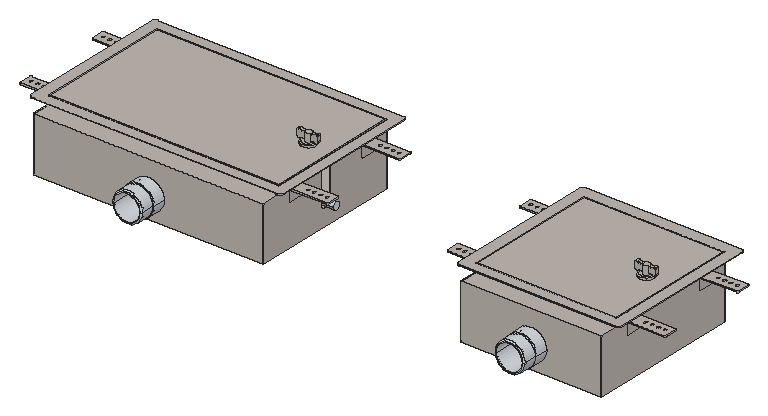
Revit family "MI-DIAL-BPS", category Pipe Accessories, host Face, Revit 2018 (continued)
Definition of nested family "MI-DIAL-BPS_S"
  Forms (in)
    Extrusion 4, solid
      sketch origin (26.67186, 0, -2.291) x (1, 0, 0) y (0, 1, 0)
        loop
          arc (11.93868, 2.7531) -> (12.00794, 2.78179) -> (12.03663, 2.85105) r 0.09795
          line (12.03663, 2.85105) -> (12.03663, 3.7443)
          arc (12.03663, 3.7443) -> (12.00803, 3.81335) -> (11.93897, 3.84196) r 0.09766
          line (11.93897, 3.84196) -> (9, 3.84196)
        loop
          circle (11.56892, 3.29768) r 0.10469
        loop
          circle (11.06892, 3.29768) r 0.10469
        loop
          circle (10.56892, 3.29768) r 0.10469
        loop
          circle (10.06892, 3.29768) r 0.10469
        loop
          line (9, -4.31071) -> (11.93897, -4.31071)
          arc (11.93897, -4.31071) -> (12.00803, -4.2821) -> (12.03663, -4.21305) r 0.09766
          line (12.03663, -4.21305) -> (12.03663, -3.3198)
          arc (12.03663, -3.3198) -> (12.00794, -3.25054) -> (11.93868, -3.22185) r 0.09795
          line (11.93868, -3.22185) -> (9, -3.22185) -> (9, -4.31071)
        loop
          circle (11.56892, -3.76643) r 0.10469
        loop
          circle (11.06892, -3.76643) r 0.10469
        loop
          circle (10.56892, -3.76643) r 0.10469
        loop
          circle (10.06892, -3.76643) r 0.10469
        loop
          line (-2, 3.84196) -> (-4.93897, 3.84196)
          arc (-4.93897, 3.84196) -> (-5.00803, 3.81335) -> (-5.03663, 3.7443) r 0.09766
          line (-5.03663, 3.7443) -> (-5.03663, 2.85105)
          arc (-5.03663, 2.85105) -> (-5.00794, 2.78179) -> (-4.93868, 2.7531) r 0.09795
          line (-4.93868, 2.7531) -> (-2, 2.7531) -> (-2, 3.84196)
        loop
          circle (-4.56892, 3.29768) r 0.10469
        loop
          circle (-4.06892, 3.29768) r 0.10469
        loop
          circle (-3.56892, 3.29768) r 0.10469
        loop
          circle (-3.06892, 3.29768) r 0.10469
        loop
          line (-2, -4.31071) -> (-2, -3.22185) -> (-4.93868, -3.22185)
          arc (-4.93868, -3.22185) -> (-5.00794, -3.25054) -> (-5.03663, -3.3198) r 0.09795
          line (-5.03663, -3.3198) -> (-5.03663, -4.21305)
          arc (-5.03663, -4.21305) -> (-5.00803, -4.2821) -> (-4.93897, -4.31071) r 0.09766
          line (-4.93897, -4.31071) -> (-2, -4.31071)
        loop
          circle (-4.56892, -3.76643) r 0.10469
        loop
          circle (-4.06892, -3.76643) r 0.10469
        loop
          circle (-3.56892, -3.76643) r 0.10469
        loop
          circle (-3.06892, -3.76643) r 0.10469
      from 2.291 to 2.375
    Extrusion 5, solid
      sketch origin (35.67186, 12.2945, -4.166) x (0, -1, 0) y (0, 0, -1)
        loop
          arc (8.5502, -3.27894) -> (8.48115, -3.30754) -> (8.45255, -3.37659) r 0.09766
          line (8.45255, -3.37659) -> (8.45255, -4.166) -> (9.5414, -4.166) -> (9.5414, -3.37659)
          arc (9.5414, -3.37659) -> (9.5128, -3.30754) -> (9.44375, -3.27894) r 0.09766
          line (9.44375, -3.27894) -> (8.5502, -3.27894)
      from 0 to 0.084
    Extrusion 6, solid
      sketch origin (26.93981, 0, -2.666) x (1, 0, 0) y (0, 1, 0)
        loop
          arc (-3.14295, -5.85857) -> (-3.05576, -6.06906) -> (-2.84527, -6.15625) r 0.29768
          line (-2.84527, -6.15625) -> (9.31018, -6.15625)
          arc (9.31018, -6.15625) -> (9.5201, -6.0693) -> (9.60705, -5.85938) r 0.29688
          line (9.60705, -5.85938) -> (9.60705, 5.85937)
          arc (9.60705, 5.85937) -> (9.5201, 6.0693) -> (9.31018, 6.15625) r 0.29688
          line (9.31018, 6.15625) -> (-2.84607, 6.15625)
          arc (-2.84607, 6.15625) -> (-3.05599, 6.0693) -> (-3.14295, 5.85937) r 0.29688
          line (-3.14295, 5.85937) -> (-3.14295, -5.85857)
        loop
          arc (-2.21739, 5.28125) -> (-2.25314, 5.26644) -> (-2.26795, 5.2307) r 0.05055
          line (-2.26795, 5.2307) -> (-2.26795, -5.23047)
          arc (-2.26795, -5.23047) -> (-2.25307, -5.26638) -> (-2.21717, -5.28125) r 0.05078
          line (-2.21717, -5.28125) -> (8.68127, -5.28125)
          arc (8.68127, -5.28125) -> (8.71718, -5.26638) -> (8.73205, -5.23047) r 0.05078
          line (8.73205, -5.23047) -> (8.73205, 5.23047)
          arc (8.73205, 5.23047) -> (8.71718, 5.26638) -> (8.68127, 5.28125) r 0.05078
          line (8.68127, 5.28125) -> (-2.21739, 5.28125)
      from 3.33788 to 3.375
    Extrusion 7, solid
      sketch origin (26.93981, 0, -2.666) x (1, 0, 0) y (0, 1, 0)
        loop
          line (-2.22888, 5.24281) -> (-2.22888, -5.28125) -> (8.69299, -5.28125) -> (8.69299, 5.24281) -> (-2.22888, 5.24281)
      from 3.1535 to 3.375
    Extrusion 8, void
      sketch origin (29.25, 0, -4.166) x (0, 1, 0) y (0, 0, 1)
        loop
          line (-6.15625, 4.875) -> (-6.78125, 4.875) -> (-6.78125, 4.25) -> (-5.28125, 4.25) -> (-5.28125, 4.83788) -> (-6.15625, 4.83788) -> (-6.15625, 4.875)
      from -4.57814 to 6.42186
    Extrusion 9, solid
      sketch origin (29.25, -6.78125, 0.084) x (0, 1, 0) y (-1, 0, 0)
        loop
          line (0.03906, 4.53908) -> (0.03906, -6.3828) -> (1.5, -6.3828) -> (1.5, 4.53908) -> (0.03906, 4.53908)
      from 0 to -0.01379
    Extrusion 10, solid
      sketch origin (29.25, -5.28125, 0.67187) x (0, 0, 1) y (-1, 0, 0)
        loop
          line (-0.58788, 4.53908) -> (-0.58788, -6.3828) -> (0, -6.3828) -> (0, 4.53908) -> (-0.58788, 4.53908)
      from 0 to -0.03906
    Extrusion 11, void
      sketch origin (23.21094, 5.24281, -4.166) x (0, 1, 0) y (0, 0, -1)
        loop
          circle (-5.97719, -1.75529) r 0.5
      from -1.49999 to -1.46092
    Extrusion 12, solid
      sketch origin (35.67186, 5.2307, -4.166) x (0, -1, 0) y (0, 0, -1)
        loop
          arc (8.5502, -3.27894) -> (8.48115, -3.30754) -> (8.45255, -3.37659) r 0.09766
          line (8.45255, -3.37659) -> (8.45255, -4.166) -> (9.5414, -4.166) -> (9.5414, -3.37659)
          arc (9.5414, -3.37659) -> (9.5128, -3.30754) -> (9.44375, -3.27894) r 0.09766
          line (9.44375, -3.27894) -> (8.5502, -3.27894)
      from 0 to 0.084
    Extrusion 13, solid
      sketch origin (24.67186, 12.2945, -4.166) x (0, -1, 0) y (0, 0, 1)
        loop
          line (8.5502, 3.27894) -> (9.44375, 3.27894)
          arc (9.44375, 3.27894) -> (9.5128, 3.30754) -> (9.5414, 3.37659) r 0.09766
          line (9.5414, 3.37659) -> (9.5414, 4.166) -> (8.45255, 4.166) -> (8.45255, 3.37659)
          arc (8.45255, 3.37659) -> (8.48115, 3.30754) -> (8.5502, 3.27894) r 0.09766
      from 0 to 0.084
    Extrusion 14, solid
      sketch origin (24.67186, 5.2307, -4.166) x (0, -1, 0) y (0, 0, 1)
        loop
          line (8.5502, 3.27894) -> (9.44375, 3.27894)
          arc (9.44375, 3.27894) -> (9.5128, 3.30754) -> (9.5414, 3.37659) r 0.09766
          line (9.5414, 3.37659) -> (9.5414, 4.166) -> (8.45255, 4.166) -> (8.45255, 3.37659)
          arc (8.45255, 3.37659) -> (8.48115, 3.30754) -> (8.5502, 3.27894) r 0.09766
      from 0 to 0.084
    Extrusion 15, solid, not visible
      sketch origin (0, 0, -4.166) x (1, 0, 0) y (0, 1, 0)
        loop
          arc (-9.875, -5.85857) -> (-9.78781, -6.06906) -> (-9.57732, -6.15625) r 0.29768
          line (-9.57732, -6.15625) -> (9.57813, -6.15625)
          arc (9.57813, -6.15625) -> (9.78805, -6.0693) -> (9.875, -5.85937) r 0.29688
          line (9.875, -5.85937) -> (9.875, 5.85937)
          arc (9.875, 5.85937) -> (9.78805, 6.0693) -> (9.57813, 6.15625) r 0.29688
          line (9.57813, 6.15625) -> (-9.57812, 6.15625)
          arc (-9.57812, 6.15625) -> (-9.78805, 6.0693) -> (-9.875, 5.85937) r 0.29688
          line (-9.875, 5.85937) -> (-9.875, -5.85857)
        loop
          arc (-8.94945, 5.28125) -> (-8.98519, 5.26644) -> (-9, 5.2307) r 0.05055
          line (-9, 5.2307) -> (-9, -5.28125) -> (9, -5.28125) -> (9, 5.23047)
          arc (9, 5.23047) -> (8.98513, 5.26638) -> (8.94922, 5.28125) r 0.05078
          line (8.94922, 5.28125) -> (-8.94945, 5.28125)
      from 4.83788 to 4.875
    Extrusion 16, solid, not visible
      sketch origin (0, 0, -4.166) x (1, 0, 0) y (0, 1, 0)
        loop
          arc (9, 5.23047) -> (8.98513, 5.26638) -> (8.94922, 5.28125) r 0.05078
          line (8.94922, 5.28125) -> (-8.94945, 5.28125)
          arc (-8.94945, 5.28125) -> (-8.98519, 5.26644) -> (-9, 5.2307) r 0.05055
          line (-9, 5.2307) -> (-9, -6.73047)
          arc (-9, -6.73047) -> (-8.98513, -6.76638) -> (-8.94922, -6.78125) r 0.05078
          line (-8.94922, -6.78125) -> (8.94922, -6.78125)
          arc (8.94922, -6.78125) -> (8.98513, -6.76638) -> (9, -6.73047) r 0.05078
          line (9, -6.73047) -> (9, 5.23047)
        loop
          line (-8.96094, 5.24281) -> (-8.96094, -6.74219) -> (8.96094, -6.74219) -> (8.96094, 5.24281) -> (-8.96094, 5.24281)
      from 0.03906 to 4.875
    Extrusion 17, solid, not visible
      sketch origin (0, 0, -4.166) x (1, 0, 0) y (0, 1, 0)
        loop
          line (-9, 5.2307) -> (-9, -6.73047)
          arc (-9, -6.73047) -> (-8.98513, -6.76638) -> (-8.94922, -6.78125) r 0.05078
          line (-8.94922, -6.78125) -> (8.94922, -6.78125)
          arc (8.94922, -6.78125) -> (8.98513, -6.76638) -> (9, -6.73047) r 0.05078
          line (9, -6.73047) -> (9, 5.23047)
          arc (9, 5.23047) -> (8.98513, 5.26638) -> (8.94922, 5.28125) r 0.05078
          line (8.94922, 5.28125) -> (-8.94945, 5.28125)
          arc (-8.94945, 5.28125) -> (-8.98519, 5.26644) -> (-9, 5.2307) r 0.05055
      from 0 to 0.03906
    Extrusion 18, solid, not visible
      sketch origin (0, 0, -4.166) x (1, 0, 0) y (0, 1, 0)
        loop
          line (-8.96094, 5.24281) -> (-8.96094, -5.28125) -> (8.96094, -5.28125) -> (8.96094, 5.24281) -> (-8.96094, 5.24281)
      from 4.6535 to 4.875
    Extrusion 19, solid, not visible
      sketch origin (0, 0, -2.291) x (1, 0, 0) y (0, 1, 0)
        loop
          line (-9, 3.84196) -> (-11.93897, 3.84196)
          arc (-11.93897, 3.84196) -> (-12.00803, 3.81335) -> (-12.03663, 3.7443) r 0.09766
          line (-12.03663, 3.7443) -> (-12.03663, 2.85105)
          arc (-12.03663, 2.85105) -> (-12.00794, 2.78179) -> (-11.93868, 2.7531) r 0.09795
          line (-11.93868, 2.7531) -> (-9, 2.7531) -> (-9, 3.84196)
        loop
          circle (-11.56892, 3.29768) r 0.10469
        loop
          circle (-11.06892, 3.29768) r 0.10469
        loop
          circle (-10.56892, 3.29768) r 0.10469
        loop
          circle (-10.06892, 3.29768) r 0.10469
        loop
          line (-9, -4.31071) -> (-9, -3.22185) -> (-11.93868, -3.22185)
          arc (-11.93868, -3.22185) -> (-12.00794, -3.25054) -> (-12.03663, -3.3198) r 0.09795
          line (-12.03663, -3.3198) -> (-12.03663, -4.21305)
          arc (-12.03663, -4.21305) -> (-12.00803, -4.2821) -> (-11.93897, -4.31071) r 0.09766
          line (-11.93897, -4.31071) -> (-9, -4.31071)
        loop
          circle (-11.56892, -3.76643) r 0.10469
        loop
          circle (-11.06892, -3.76643) r 0.10469
        loop
          circle (-10.56892, -3.76643) r 0.10469
        loop
          circle (-10.06892, -3.76643) r 0.10469
        loop
          line (9, 3.84196) -> (9, 2.7531) -> (11.93868, 2.7531)
          arc (11.93868, 2.7531) -> (12.00794, 2.78179) -> (12.03663, 2.85105) r 0.09795
          line (12.03663, 2.85105) -> (12.03663, 3.7443)
          arc (12.03663, 3.7443) -> (12.00803, 3.81335) -> (11.93897, 3.84196) r 0.09766
          line (11.93897, 3.84196) -> (9, 3.84196)
        loop
          circle (11.56892, 3.29768) r 0.10469
        loop
          circle (11.06892, 3.29768) r 0.10469
        loop
          circle (10.56892, 3.29768) r 0.10469
        loop
          circle (10.06892, 3.29768) r 0.10469
        loop
          line (9, -4.31071) -> (11.93897, -4.31071)
          arc (11.93897, -4.31071) -> (12.00803, -4.2821) -> (12.03663, -4.21305) r 0.09766
          line (12.03663, -4.21305) -> (12.03663, -3.3198)
          arc (12.03663, -3.3198) -> (12.00794, -3.25054) -> (11.93868, -3.22185) r 0.09795
          line (11.93868, -3.22185) -> (9, -3.22185) -> (9, -4.31071)
        loop
          circle (11.56892, -3.76643) r 0.10469
        loop
          circle (11.06892, -3.76643) r 0.10469
        loop
          circle (10.56892, -3.76643) r 0.10469
        loop
          circle (10.06892, -3.76643) r 0.10469
      from 2.291 to 2.375
    Extrusion 20, solid, not visible
      sketch origin (-9, 5.2307, -4.166) x (0, -1, 0) y (0, 0, 1)
        loop
          line (8.5502, 3.27894) -> (9.44375, 3.27894)
          arc (9.44375, 3.27894) -> (9.5128, 3.30754) -> (9.5414, 3.37659) r 0.09766
          line (9.5414, 3.37659) -> (9.5414, 4.166) -> (8.45255, 4.166) -> (8.45255, 3.37659)
          arc (8.45255, 3.37659) -> (8.48115, 3.30754) -> (8.5502, 3.27894) r 0.09766
      from 0 to 0.084
    Extrusion 21, solid, not visible
      sketch origin (-9, 12.2945, -4.166) x (0, -1, 0) y (0, 0, 1)
        loop
          line (8.5502, 3.27894) -> (9.44375, 3.27894)
          arc (9.44375, 3.27894) -> (9.5128, 3.30754) -> (9.5414, 3.37659) r 0.09766
          line (9.5414, 3.37659) -> (9.5414, 4.166) -> (8.45255, 4.166) -> (8.45255, 3.37659)
          arc (8.45255, 3.37659) -> (8.48115, 3.30754) -> (8.5502, 3.27894) r 0.09766
      from 0 to 0.084
    Extrusion 22, solid, not visible
      sketch origin (9, 5.2307, -4.166) x (0, -1, 0) y (0, 0, -1)
        loop
          arc (8.5502, -3.27894) -> (8.48115, -3.30754) -> (8.45255, -3.37659) r 0.09766
          line (8.45255, -3.37659) -> (8.45255, -4.166) -> (9.5414, -4.166) -> (9.5414, -3.37659)
          arc (9.5414, -3.37659) -> (9.5128, -3.30754) -> (9.44375, -3.27894) r 0.09766
          line (9.44375, -3.27894) -> (8.5502, -3.27894)
      from 0 to 0.084
    Extrusion 23, solid, not visible
      sketch origin (9, 12.2945, -4.166) x (0, -1, 0) y (0, 0, -1)
        loop
          arc (8.5502, -3.27894) -> (8.48115, -3.30754) -> (8.45255, -3.37659) r 0.09766
          line (8.45255, -3.37659) -> (8.45255, -4.166) -> (9.5414, -4.166) -> (9.5414, -3.37659)
          arc (9.5414, -3.37659) -> (9.5128, -3.30754) -> (9.44375, -3.27894) r 0.09766
          line (9.44375, -3.27894) -> (8.5502, -3.27894)
      from 0 to 0.084
    Extrusion 24, void, not visible
      sketch origin (0, 0, -4.166) x (0, 1, 0) y (0, 0, 1)
        loop
          line (-5.28125, 4.875) -> (-6.78125, 4.875) -> (-6.78125, 4.25) -> (-5.28125, 4.25) -> (-5.28125, 4.875)
      from -9.875 to 9.875
    Extrusion 25, solid, not visible
      sketch origin (0, 0, -4.166) x (0, 1, 0) y (0, 0, 1)
        loop
          line (-5.28125, 4.83788) -> (-5.28125, 4.25) -> (-6.78125, 4.25) -> (-6.78125, 4.21094) -> (-5.24219, 4.21094) -> (-5.24219, 4.83788) -> (-5.28125, 4.83788)
      from -9 to 9
    Extrusion 26, void, not visible
      sketch origin (0, -6.78125, 0.04494) x (0, 1, 0) y (-1, 0, 0)
        loop
          line (0.05078, 9) -> (0, 9) -> (0, 8.94922)
          arc (0, 8.94922) -> (0.01487, 8.98513) -> (0.05078, 9) r 0.05078
        loop
          line (0, -8.94922) -> (0, -9) -> (0.05078, -9)
          arc (0.05078, -9) -> (0.01487, -8.98513) -> (0, -8.94922) r 0.05078
      from 0 to 0.03906
    Extrusion 27, void, not visible
      sketch origin (-8.96094, 5.24281, -4.166) x (-1, 0, 0) y (0, 0, 1)
        loop
          circle (-0.88808, 2.13742) r 0.64949
      from 0 to 0.03844
    Extrusion 28, void, not visible
      sketch origin (8.96094, 5.24281, -4.166) x (0, 1, 0) y (0, 0, -1)
        loop
          line (-5.47719, -4.6535) -> (-5.47719, -1.78654)
          arc (-5.47719, -1.78654) -> (-5.97719, -1.28654) -> (-6.47719, -1.78654) r 0.5
          line (-6.47719, -1.78654) -> (-6.47719, -4.6535) -> (-5.47719, -4.6535)
      from -0.03906 to 0
    Extrusion 29, solid, not visible
      sketch origin (28.17186, 0.5, -4.166) x (1, 0, 0) y (0, 1, 0)
        loop
          arc (7.5, 4.73047) -> (7.48513, 4.76638) -> (7.44922, 4.78125) r 0.05078
          line (7.44922, 4.78125) -> (-3.44945, 4.78125)
          arc (-3.44945, 4.78125) -> (-3.48519, 4.76644) -> (-3.5, 4.7307) r 0.05055
          line (-3.5, 4.7307) -> (-3.5, -7.23047)
          arc (-3.5, -7.23047) -> (-3.48513, -7.26638) -> (-3.44922, -7.28125) r 0.05078
          line (-3.44922, -7.28125) -> (7.44922, -7.28125)
          arc (7.44922, -7.28125) -> (7.48513, -7.26638) -> (7.5, -7.23047) r 0.05078
          line (7.5, -7.23047) -> (7.5, 4.73047)
        loop
          line (-3.46094, 4.74281) -> (-3.46094, -7.24219) -> (7.46094, -7.24219) -> (7.46094, 4.74281) -> (-3.46094, 4.74281)
      from 0.03906 to 4.875
    Extrusion 30, solid, not visible
      sketch origin (28.17186, 0.5, -4.166) x (1, 0, 0) y (0, 1, 0)
        loop
          line (-3.5, 4.7307) -> (-3.5, -7.23047)
          arc (-3.5, -7.23047) -> (-3.48513, -7.26638) -> (-3.44922, -7.28125) r 0.05078
          line (-3.44922, -7.28125) -> (7.44922, -7.28125)
          arc (7.44922, -7.28125) -> (7.48513, -7.26638) -> (7.5, -7.23047) r 0.05078
          line (7.5, -7.23047) -> (7.5, 4.73047)
          arc (7.5, 4.73047) -> (7.48513, 4.76638) -> (7.44922, 4.78125) r 0.05078
          line (7.44922, 4.78125) -> (-3.44945, 4.78125)
          arc (-3.44945, 4.78125) -> (-3.48519, 4.76644) -> (-3.5, 4.7307) r 0.05055
      from 0 to 0.03906
    Extrusion 31, solid, not visible
      sketch origin (26.67186, 0, -2.291) x (1, 0, 0) y (0, 1, 0)
        loop
          line (9, 3.84196) -> (9, 2.7531) -> (11.93868, 2.7531)
          arc (11.93868, 2.7531) -> (12.00794, 2.78179) -> (12.03663, 2.85105) r 0.09795
          line (12.03663, 2.85105) -> (12.03663, 3.7443)
          arc (12.03663, 3.7443) -> (12.00803, 3.81335) -> (11.93897, 3.84196) r 0.09766
          line (11.93897, 3.84196) -> (9, 3.84196)
        loop
          circle (11.56892, 3.29768) r 0.10469
        loop
          circle (11.06892, 3.29768) r 0.10469
        loop
          circle (10.56892, 3.29768) r 0.10469
        loop
          circle (10.06892, 3.29768) r 0.10469
        loop
          line (9, -4.31071) -> (11.93897, -4.31071)
          arc (11.93897, -4.31071) -> (12.00803, -4.2821) -> (12.03663, -4.21305) r 0.09766
          line (12.03663, -4.21305) -> (12.03663, -3.3198)
          arc (12.03663, -3.3198) -> (12.00794, -3.25054) -> (11.93868, -3.22185) r 0.09795
          line (11.93868, -3.22185) -> (9, -3.22185) -> (9, -4.31071)
        loop
          circle (11.56892, -3.76643) r 0.10469
        loop
          circle (11.06892, -3.76643) r 0.10469
        loop
          circle (10.56892, -3.76643) r 0.10469
        loop
          circle (10.06892, -3.76643) r 0.10469
        loop
          line (-2, 3.84196) -> (-4.93897, 3.84196)
          arc (-4.93897, 3.84196) -> (-5.00803, 3.81335) -> (-5.03663, 3.7443) r 0.09766
          line (-5.03663, 3.7443) -> (-5.03663, 2.85105)
          arc (-5.03663, 2.85105) -> (-5.00794, 2.78179) -> (-4.93868, 2.7531) r 0.09795
          line (-4.93868, 2.7531) -> (-2, 2.7531) -> (-2, 3.84196)
        loop
          circle (-4.56892, 3.29768) r 0.10469
        loop
          circle (-4.06892, 3.29768) r 0.10469
        loop
          circle (-3.56892, 3.29768) r 0.10469
        loop
          circle (-3.06892, 3.29768) r 0.10469
        loop
          line (-2, -4.31071) -> (-2, -3.22185) -> (-4.93868, -3.22185)
          arc (-4.93868, -3.22185) -> (-5.00794, -3.25054) -> (-5.03663, -3.3198) r 0.09795
          line (-5.03663, -3.3198) -> (-5.03663, -4.21305)
          arc (-5.03663, -4.21305) -> (-5.00803, -4.2821) -> (-4.93897, -4.31071) r 0.09766
          line (-4.93897, -4.31071) -> (-2, -4.31071)
        loop
          circle (-4.56892, -3.76643) r 0.10469
        loop
          circle (-4.06892, -3.76643) r 0.10469
        loop
          circle (-3.56892, -3.76643) r 0.10469
        loop
          circle (-3.06892, -3.76643) r 0.10469
      from 2.291 to 2.375
    Extrusion 32, solid, not visible
      sketch origin (35.67186, 12.2945, -4.166) x (0, -1, 0) y (0, 0, -1)
        loop
          arc (8.5502, -3.27894) -> (8.48115, -3.30754) -> (8.45255, -3.37659) r 0.09766
          line (8.45255, -3.37659) -> (8.45255, -4.166) -> (9.5414, -4.166) -> (9.5414, -3.37659)
          arc (9.5414, -3.37659) -> (9.5128, -3.30754) -> (9.44375, -3.27894) r 0.09766
          line (9.44375, -3.27894) -> (8.5502, -3.27894)
      from 0 to 0.084
    Extrusion 33, solid, not visible
      sketch origin (26.93981, 0, -2.666) x (1, 0, 0) y (0, 1, 0)
        loop
          arc (-3.14295, -5.85857) -> (-3.05576, -6.06906) -> (-2.84527, -6.15625) r 0.29768
          line (-2.84527, -6.15625) -> (9.31018, -6.15625)
          arc (9.31018, -6.15625) -> (9.5201, -6.0693) -> (9.60705, -5.85938) r 0.29688
          line (9.60705, -5.85938) -> (9.60705, 5.85937)
          arc (9.60705, 5.85937) -> (9.5201, 6.0693) -> (9.31018, 6.15625) r 0.29688
          line (9.31018, 6.15625) -> (-2.84607, 6.15625)
          arc (-2.84607, 6.15625) -> (-3.05599, 6.0693) -> (-3.14295, 5.85937) r 0.29688
          line (-3.14295, 5.85937) -> (-3.14295, -5.85857)
        loop
          arc (-2.21739, 5.28125) -> (-2.25314, 5.26644) -> (-2.26795, 5.2307) r 0.05055
          line (-2.26795, 5.2307) -> (-2.26795, -5.23047)
          arc (-2.26795, -5.23047) -> (-2.25307, -5.26638) -> (-2.21717, -5.28125) r 0.05078
          line (-2.21717, -5.28125) -> (8.68127, -5.28125)
          arc (8.68127, -5.28125) -> (8.71718, -5.26638) -> (8.73205, -5.23047) r 0.05078
          line (8.73205, -5.23047) -> (8.73205, 5.23047)
          arc (8.73205, 5.23047) -> (8.71718, 5.26638) -> (8.68127, 5.28125) r 0.05078
          line (8.68127, 5.28125) -> (-2.21739, 5.28125)
      from 3.33788 to 3.375
    Extrusion 34, solid, not visible
      sketch origin (26.93981, 0, -2.666) x (1, 0, 0) y (0, 1, 0)
        loop
          line (-2.22888, 5.24281) -> (-2.22888, -5.28125) -> (8.69299, -5.28125) -> (8.69299, 5.24281) -> (-2.22888, 5.24281)
      from 3.1535 to 3.375
    Extrusion 35, void, not visible
      sketch origin (29.25, 0, -4.166) x (0, 1, 0) y (0, 0, 1)
        loop
          line (-6.15625, 4.875) -> (-6.78125, 4.875) -> (-6.78125, 4.25) -> (-5.28125, 4.25) -> (-5.28125, 4.83788) -> (-6.15625, 4.83788) -> (-6.15625, 4.875)
      from -4.57814 to 6.42186
    Extrusion 36, solid, not visible
      sketch origin (29.25, -6.78125, 0.084) x (0, 1, 0) y (-1, 0, 0)
        loop
          line (0.03906, 4.53908) -> (0.03906, -6.3828) -> (1.5, -6.3828) -> (1.5, 4.53908) -> (0.03906, 4.53908)
      from 0 to -0.01379
    Extrusion 37, solid, not visible
      sketch origin (29.25, -5.28125, 0.67187) x (0, 0, 1) y (-1, 0, 0)
        loop
          line (-0.58788, 4.53908) -> (-0.58788, -6.3828) -> (0, -6.3828) -> (0, 4.53908) -> (-0.58788, 4.53908)
      from 0 to -0.03906
    Extrusion 38, void, not visible
      sketch origin (23.21094, 5.24281, -4.166) x (0, 1, 0) y (0, 0, -1)
        loop
          circle (-5.97719, -1.78654) r 0.5
      from -1.49999 to -1.46092
    Extrusion 39, solid, not visible
      sketch origin (35.67186, 5.2307, -4.166) x (0, -1, 0) y (0, 0, -1)
        loop
          arc (8.5502, -3.27894) -> (8.48115, -3.30754) -> (8.45255, -3.37659) r 0.09766
          line (8.45255, -3.37659) -> (8.45255, -4.166) -> (9.5414, -4.166) -> (9.5414, -3.37659)
          arc (9.5414, -3.37659) -> (9.5128, -3.30754) -> (9.44375, -3.27894) r 0.09766
          line (9.44375, -3.27894) -> (8.5502, -3.27894)
      from 0 to 0.084
    Extrusion 40, solid, not visible
      sketch origin (24.67186, 12.2945, -4.166) x (0, -1, 0) y (0, 0, 1)
        loop
          line (8.5502, 3.27894) -> (9.44375, 3.27894)
          arc (9.44375, 3.27894) -> (9.5128, 3.30754) -> (9.5414, 3.37659) r 0.09766
          line (9.5414, 3.37659) -> (9.5414, 4.166) -> (8.45255, 4.166) -> (8.45255, 3.37659)
          arc (8.45255, 3.37659) -> (8.48115, 3.30754) -> (8.5502, 3.27894) r 0.09766
      from 0 to 0.084
    Extrusion 41, solid, not visible
      sketch origin (24.67186, 5.2307, -4.166) x (0, -1, 0) y (0, 0, 1)
        loop
          line (8.5502, 3.27894) -> (9.44375, 3.27894)
          arc (9.44375, 3.27894) -> (9.5128, 3.30754) -> (9.5414, 3.37659) r 0.09766
          line (9.5414, 3.37659) -> (9.5414, 4.166) -> (8.45255, 4.166) -> (8.45255, 3.37659)
          arc (8.45255, 3.37659) -> (8.48115, 3.30754) -> (8.5502, 3.27894) r 0.09766
      from 0 to 0.084
    Extrusion 42, solid
      sketch origin (19.21237, -1.61208, -0.36606) x (0, 1, 0) y (0, 0, 1)
        loop
          circle (0.88808, -2.04994) r 0.25
      from 4.58449 to 6.58449
  Cuts and joins
    Extrusion 8, Extrusion 11 cuts Extrusion 2
    Extrusion 11 cuts Extrusion 3
    Extrusion 8 cuts Extrusion 9
    joined: Extrusion 2, Extrusion 3, Extrusion 6, Extrusion 9
    Extrusion 8 cuts Extrusion 7
    Extrusion 8 cuts Extrusion 10
  Lines and regions (in)
    model lines, not visible
      curve 1: line (9.53657, -19.23101, 0) -> (9.53657, -16.73101, 0)
      curve 2: line (9.53657, -16.73101, 0) -> (29.28657, -16.73101, 0)
      curve 3: line (29.28657, -16.73101, 0) -> (29.28657, -19.23101, 0)
      curve 4: line (9.53657, -19.23101, 0) -> (9.53657, -16.73101, 0)
      curve 5: line (9.53657, -16.73101, 0) -> (27.53657, -16.73101, 0)
      curve 6: line (27.53657, -16.73101, 0) -> (27.53657, -19.23101, 0)
      curve 7: line (18.53657, -16.73101, 0) -> (18.53657, -17.73101, 0)
      curve 8: line (19.41157, -16.73101, 0) -> (19.41157, -17.48101, 0)
      curve 9: line (23.0033, 0, 3.375) -> (23.0033, 0, 3.33788)
      curve 10: line (23.0033, 0, 3.33788) -> (22.2533, 0, 3.33788)
      curve 11: line (23.0033, 0, 3.375) -> (22.2533, 0, 3.375)
      curve 12: line (-17.5, -5.48958, 0) -> (-19.5, -5.48958, 0)
      curve 13: line (-19.5, -5.48958, 0) -> (-19.5, 7.34375, 0)
      curve 14: line (-19.5, 7.34375, 0) -> (-17.5, 7.34375, 0)
      curve 15: line (-19.5, 0.92708, 0) -> (-19, 0.92708, 0)
      curve 16: line (-16, -5.89583, 0) -> (-16, 6.41667, 0)
      curve 17: line (-16, -5.89583, 0) -> (-16.75, -5.89583, 0)
      curve 18: line (-16, 6.41667, 0) -> (-16.75, 6.41667, 0)
      curve 19: line (-16, 0.26042, 0) -> (-16.5, 0.26042, 0)
      curve 20: line (24.40162, 14.13858, 0) -> (24.40162, 15.63858, 0)
      curve 21: line (24.40162, 15.63858, 0) -> (35.40162, 15.63858, 0)
      curve 22: line (35.40162, 15.63858, 0) -> (35.40162, 14.13858, 0)
      curve 23: line (29.90162, 15.63858, 0) -> (29.90162, 14.88858, 0)
  Dimensions and locks (in)
    locked: plane 4 to level at 4.875
    locked: plane 6 to plane 2 at 0.03906
    plane 4 to plane 7 = 0' - 2 1/2"
    locked: plane 4 to plane 10 at 0.2215
    plane 4 to plane 11 = 0' - 0 5/8"
    locked: plane 12 to plane 13 at 12.75
    equal spacing: plane 12, plane 14, plane 13
    locked: plane 15 to plane 16 at 12.3125
    equal spacing: plane 17, plane 14, plane 18
    plane 17 to plane 18 = 0' - 11"
    locked: plane 19 to plane 20 at 12.0625
    plane 15 to plane 16 = 1' - 0 5/16"
    cut or joined group of Extrusion 2, Extrusion 3, Extrusion 6, Extrusion 8, Extrusion 9, Extrusion 11 to Extrusion 42 sketch curve = 0' - 1 3/4"
    aligned and locked: plane 2 to Extrusion 1
    aligned and locked: level to Extrusion 1
    aligned and locked: Extrusion 3 sketch curve to Extrusion 2  (x4)
    aligned and locked: Extrusion 17 sketch curve to Extrusion 16  (x4)
    aligned and locked: Extrusion 15 to Extrusion 25 sketch curve
    aligned and locked: Extrusion 30 sketch curve to Extrusion 29  (x4)
  Automatic sketch dimensions
    curve 4 to curve 6 = 1' - 6"
    curve 7 to curve 5 = 0' - 9"
    curve 4 to curve 4 = 0' - 2 1/2"
    curve 6 to curve 5 = 0' - 2 1/2"
    curve 7 to curve 7 = 0' - 1"
    curve 1 to curve 3 = 1' - 7 3/4"
    curve 1 to curve 8 = 0' - 9 7/8"
    curve 1 to curve 1 = 0' - 2 1/2"
    curve 3 to curve 2 = 0' - 2 1/2"
    curve 8 to curve 8 = 0' - 0 3/4"
    Extrusion 1 sketch curve to Extrusion 1 sketch curve = 7' - 9.04119"
    Extrusion 1 sketch curve to Extrusion 1 sketch curve = 8' - 0"
    Extrusion 2 sketch curve to Extrusion 2 sketch curve = 0' - 0.01149"
    Extrusion 2 sketch curve to Extrusion 2 sketch curve = 0' - 0 3/256"  (x4)
    Extrusion 2 sketch curve to Extrusion 2 sketch curve = 0' - 0.01234"
    Extrusion 4 sketch curve to Extrusion 4 sketch curve = 0' - 0 1/2"  (x12)
    Extrusion 4 sketch curve to Extrusion 4 sketch curve = 0' - 0.36976"  (x4)
    Extrusion 4 sketch curve to Extrusion 4 sketch curve = 0' - 0.37005"  (x4)
    Extrusion 4 sketch curve to Extrusion 4 sketch curve = 0' - 0 25/256"  (x2)
    Extrusion 4 sketch curve to Extrusion 4 sketch curve = 0' - 0.09795"  (x3)
    Extrusion 4 sketch curve to Extrusion 4 sketch curve = 0' - 0"  (x14)
    Extrusion 4 sketch curve to Extrusion 4 sketch curve = 0' - 0.44662"  (x8)
    Extrusion 5 sketch curve to Extrusion 5 sketch curve = 0' - 0 25/256"  (x2)
    Extrusion 5 sketch curve to Extrusion 5 sketch curve = 0' - 0.89354"
    Extrusion 6 sketch curve to Extrusion 6 sketch curve = 0' - 0.05055"
    Extrusion 12 sketch curve to Extrusion 12 sketch curve = 0' - 0 25/256"  (x2)
    Extrusion 13 sketch curve to Extrusion 13 sketch curve = 0' - 0 25/256"  (x2)
    Extrusion 13 sketch curve to Extrusion 13 sketch curve = 0' - 0.89354"
    Extrusion 14 sketch curve to Extrusion 14 sketch curve = 0' - 0 25/256"  (x2)
    Extrusion 2 sketch curve to Extrusion 2 sketch curve = 0' - 0 5/128"  (x2)
    Extrusion 2 sketch curve to Extrusion 2 sketch curve = 0' - 10.89866"
    Extrusion 2 sketch curve to Extrusion 2 sketch curve = 0' - 11 123/128"
    Extrusion 4 sketch curve to Extrusion 4 sketch curve = 0' - 1.06892"  (x4)
    Extrusion 4 sketch curve to Extrusion 4 sketch curve = 0' - 11"
    Extrusion 4 sketch curve to Extrusion 4 sketch curve = 0' - 5.97496"  (x2)
    Extrusion 5 sketch curve to Extrusion 5 sketch curve = 0' - 0.78941"
    Extrusion 6 sketch curve to Extrusion 6 sketch curve = 0' - 0 19/64"  (x2)
    Extrusion 6 sketch curve to Extrusion 6 sketch curve = 0' - 0.29768"
    Extrusion 6 sketch curve to Extrusion 6 sketch curve = 0' - 0.57732"  (x2)
    Extrusion 6 sketch curve to Extrusion 6 sketch curve = 0' - 0 13/256"  (x2)
    Extrusion 6 sketch curve to Extrusion 6 sketch curve = 0' - 10 115/128"
    Extrusion 6 sketch curve to Extrusion 6 sketch curve = 0' - 0"
    Extrusion 6 sketch curve to Extrusion 6 sketch curve = 0' - 0 161/256"  (x3)
    Extrusion 6 sketch curve to Extrusion 6 sketch curve = 0' - 10 59/128"
    Extrusion 7 sketch curve to Extrusion 7 sketch curve = 0' - 10 59/64"
    Extrusion 7 sketch curve to Extrusion 7 sketch curve = 0' - 10.52406"
    Extrusion 8 sketch curve to Extrusion 8 sketch curve = 0' - 0 5/8"  (x2)
    Extrusion 8 sketch curve to Extrusion 8 sketch curve = 0' - 0 7/8"
    Extrusion 8 sketch curve to Extrusion 8 sketch curve = 0' - 0.58788"
    Extrusion 9 sketch curve to Extrusion 8 = 0' - 0"
    Extrusion 8 to Extrusion 9 sketch curve = 0' - 0 5/128"  (x3)
    Extrusion 10 sketch curve to Extrusion 8 = 0' - 0"  (x2)
    Extrusion 8 to Extrusion 10 sketch curve = 0' - 0 5/128"  (x2)
    Extrusion 12 sketch curve to Extrusion 12 sketch curve = 0' - 0.89354"
    Extrusion 12 sketch curve to Extrusion 12 sketch curve = 0' - 0.78941"
    Extrusion 13 sketch curve to Extrusion 13 sketch curve = 0' - 0.78941"
    Extrusion 14 sketch curve to Extrusion 14 sketch curve = 0' - 0.89354"
    Extrusion 14 sketch curve to Extrusion 14 sketch curve = 0' - 0.78941"
    Extrusion 15 sketch curve to Extrusion 15 sketch curve = 0' - 0.29768"
    Extrusion 15 sketch curve to Extrusion 15 sketch curve = 0' - 0.05055"
    Extrusion 16 sketch curve to Extrusion 16 sketch curve = 0' - 0.01149"
    Extrusion 16 sketch curve to Extrusion 16 sketch curve = 0' - 0 3/256"  (x4)
    Extrusion 16 sketch curve to Extrusion 16 sketch curve = 0' - 0.01234"
    Extrusion 19 sketch curve to Extrusion 19 sketch curve = 0' - 0 1/2"  (x12)
    Extrusion 19 sketch curve to Extrusion 19 sketch curve = 0' - 0.36976"  (x4)
    Extrusion 19 sketch curve to Extrusion 19 sketch curve = 0' - 0.37005"  (x4)
    Extrusion 19 sketch curve to Extrusion 19 sketch curve = 0' - 0.09795"  (x2)
    Extrusion 19 sketch curve to Extrusion 19 sketch curve = 0' - 0 25/256"  (x3)
    Extrusion 19 sketch curve to Extrusion 19 sketch curve = 0' - 0"  (x14)
    Extrusion 19 sketch curve to Extrusion 19 sketch curve = 0' - 0.44662"  (x8)
    Extrusion 17 to Extrusion 20 sketch curve = 0' - 3.50862"
    Extrusion 20 sketch curve to Extrusion 20 sketch curve = 0' - 0 25/256"  (x2)
    Extrusion 20 sketch curve to Extrusion 20 sketch curve = 0' - 0.89354"
    Extrusion 20 sketch curve to Extrusion 17 = 0' - 3.23987"
    Extrusion 20 sketch curve to Extrusion 20 sketch curve = 0' - 0.78941"
    Extrusion 17 to Extrusion 21 sketch curve = 0' - 1.38874"
    Extrusion 21 sketch curve to Extrusion 21 sketch curve = 0' - 0 25/256"  (x2)
    Extrusion 21 sketch curve to Extrusion 21 sketch curve = 0' - 0.89354"
    Extrusion 21 sketch curve to Extrusion 17 = 0' - 3.23987"
    Extrusion 21 sketch curve to Extrusion 21 sketch curve = 0' - 0.78941"
    Extrusion 22 sketch curve to Extrusion 22 sketch curve = 0' - 0 25/256"  (x2)
    Extrusion 23 sketch curve to Extrusion 23 sketch curve = 0' - 0 25/256"  (x2)
    Extrusion 23 sketch curve to Extrusion 23 sketch curve = 0' - 0.89354"
    Extrusion 26 sketch curve to Extrusion 25 = 0' - 0"  (x3)
    Extrusion 25 to Extrusion 26 sketch curve = 0' - 0"
    Extrusion 26 sketch curve to Extrusion 26 sketch curve = 0' - 0"  (x4)
    Extrusion 27 sketch curve to Extrusion 16 = 0' - 0.88808"
    Extrusion 27 sketch curve to Extrusion 16 = 0' - 2.09836"
    Extrusion 18 to Extrusion 28 sketch curve = 0' - 0"
    Extrusion 28 sketch curve to Extrusion 18 = 0' - 4 3/64"
    Extrusion 28 sketch curve to Extrusion 28 sketch curve = 0' - 0 1/2"
    Extrusion 18 to Extrusion 28 sketch curve = 0' - 2.86695"
    Extrusion 29 sketch curve to Extrusion 29 sketch curve = 0' - 0.01149"
    Extrusion 29 sketch curve to Extrusion 29 sketch curve = 0' - 0 3/256"  (x4)
    Extrusion 29 sketch curve to Extrusion 29 sketch curve = 0' - 0.01234"
    Extrusion 31 sketch curve to Extrusion 31 sketch curve = 0' - 0 1/2"  (x12)
    Extrusion 31 sketch curve to Extrusion 31 sketch curve = 0' - 0.36976"  (x4)
    Extrusion 31 sketch curve to Extrusion 31 sketch curve = 0' - 0.37005"  (x4)
    Extrusion 31 sketch curve to Extrusion 31 sketch curve = 0' - 0 25/256"  (x2)
    Extrusion 31 sketch curve to Extrusion 31 sketch curve = 0' - 0.09795"  (x3)
    Extrusion 31 sketch curve to Extrusion 31 sketch curve = 0' - 0"  (x14)
    Extrusion 31 sketch curve to Extrusion 31 sketch curve = 0' - 0.44662"  (x8)
    Extrusion 32 sketch curve to Extrusion 32 sketch curve = 0' - 0 25/256"  (x2)
    Extrusion 32 sketch curve to Extrusion 32 sketch curve = 0' - 0.89354"
    Extrusion 33 sketch curve to Extrusion 33 sketch curve = 0' - 0.05055"
    Extrusion 39 sketch curve to Extrusion 39 sketch curve = 0' - 0 25/256"  (x2)
    Extrusion 40 sketch curve to Extrusion 40 sketch curve = 0' - 0 25/256"  (x2)
    Extrusion 40 sketch curve to Extrusion 40 sketch curve = 0' - 0.89354"
    Extrusion 41 sketch curve to Extrusion 41 sketch curve = 0' - 0 25/256"  (x2)
    Extrusion 15 sketch curve to Extrusion 15 sketch curve = 0' - 0 19/64"  (x2)
    Extrusion 15 sketch curve to Extrusion 15 sketch curve = 0' - 0.57732"
    Extrusion 15 sketch curve to Extrusion 15 sketch curve = 1' - 5.89866"
    Extrusion 15 sketch curve to Extrusion 15 sketch curve = 0' - 0 13/256"
    Extrusion 15 sketch curve to Extrusion 15 sketch curve = 0' - 0 37/64"  (x3)
    Extrusion 15 sketch curve to Extrusion 15 sketch curve = 0' - 10 131/256"
    Extrusion 15 sketch curve to Extrusion 15 sketch curve = 0' - 0.62868"
    Extrusion 16 sketch curve to Extrusion 16 sketch curve = 0' - 0 5/128"  (x2)
    Extrusion 16 sketch curve to Extrusion 16 sketch curve = 1' - 5.89866"
    Extrusion 16 sketch curve to Extrusion 16 sketch curve = 0' - 11 123/128"
    Extrusion 18 sketch curve to Extrusion 18 sketch curve = 1' - 5 59/64"
    Extrusion 18 sketch curve to Extrusion 18 sketch curve = 0' - 10.52406"
    Extrusion 19 sketch curve to Extrusion 19 sketch curve = 0' - 1.06892"  (x4)
    Extrusion 19 sketch curve to Extrusion 19 sketch curve = 1' - 6"
    Extrusion 19 sketch curve to Extrusion 19 sketch curve = 0' - 5.97496"  (x2)
    Extrusion 22 sketch curve to Extrusion 22 sketch curve = 0' - 0.89354"
    Extrusion 22 sketch curve to Extrusion 22 sketch curve = 0' - 0.78941"
    Extrusion 23 sketch curve to Extrusion 23 sketch curve = 0' - 0.78941"
    Extrusion 24 sketch curve to Extrusion 24 sketch curve = 0' - 1 1/2"
    Extrusion 24 sketch curve to Extrusion 24 sketch curve = 0' - 0 5/8"
    Extrusion 25 sketch curve to Extrusion 25 sketch curve = 0' - 1 1/2"
    Extrusion 25 sketch curve to Extrusion 25 sketch curve = 0' - 0 5/128"  (x2)
    Extrusion 25 sketch curve to Extrusion 25 sketch curve = 0' - 0.58788"
    Extrusion 29 sketch curve to Extrusion 29 sketch curve = 0' - 0 5/128"  (x2)
    Extrusion 29 sketch curve to Extrusion 29 sketch curve = 0' - 10.89866"
    Extrusion 29 sketch curve to Extrusion 29 sketch curve = 0' - 11 123/128"
    Extrusion 31 sketch curve to Extrusion 31 sketch curve = 0' - 1.06892"  (x4)
    Extrusion 31 sketch curve to Extrusion 31 sketch curve = 0' - 11"
    Extrusion 31 sketch curve to Extrusion 31 sketch curve = 0' - 5.97496"  (x2)
    Extrusion 32 sketch curve to Extrusion 32 sketch curve = 0' - 0.78941"
    Extrusion 33 sketch curve to Extrusion 33 sketch curve = 0' - 0 19/64"  (x2)
    Extrusion 33 sketch curve to Extrusion 33 sketch curve = 0' - 0.29768"
    Extrusion 33 sketch curve to Extrusion 33 sketch curve = 0' - 0.57732"  (x2)
    Extrusion 33 sketch curve to Extrusion 33 sketch curve = 0' - 0 13/256"  (x2)
    Extrusion 33 sketch curve to Extrusion 33 sketch curve = 0' - 10 115/128"
    Extrusion 33 sketch curve to Extrusion 33 sketch curve = 0' - 0"
    Extrusion 33 sketch curve to Extrusion 33 sketch curve = 0' - 0 161/256"  (x3)
    Extrusion 33 sketch curve to Extrusion 33 sketch curve = 0' - 10 59/128"
    Extrusion 34 sketch curve to Extrusion 34 sketch curve = 0' - 10 59/64"
    Extrusion 34 sketch curve to Extrusion 34 sketch curve = 0' - 10.52406"
    Extrusion 35 sketch curve to Extrusion 35 sketch curve = 0' - 0 5/8"  (x2)
    Extrusion 35 sketch curve to Extrusion 35 sketch curve = 0' - 0 7/8"
    Extrusion 35 sketch curve to Extrusion 35 sketch curve = 0' - 0.58788"
    Extrusion 36 sketch curve to Extrusion 35 = 0' - 0"
    Extrusion 35 to Extrusion 36 sketch curve = 0' - 0 5/128"  (x3)
    Extrusion 37 sketch curve to Extrusion 35 = 0' - 0"  (x2)
    Extrusion 35 to Extrusion 37 sketch curve = 0' - 0 5/128"  (x2)
    Extrusion 39 sketch curve to Extrusion 39 sketch curve = 0' - 0.89354"
    Extrusion 39 sketch curve to Extrusion 39 sketch curve = 0' - 0.78941"
    Extrusion 40 sketch curve to Extrusion 40 sketch curve = 0' - 0.78941"
    Extrusion 41 sketch curve to Extrusion 41 sketch curve = 0' - 0.89354"
    Extrusion 41 sketch curve to Extrusion 41 sketch curve = 0' - 0.78941"
    Extrusion 2 sketch curve to plane 17 = 0' - 0"
    Extrusion 4 sketch curve to plane 17 = 0' - 0"
    Extrusion 5 sketch curve to level = 0' - 0"
    Extrusion 6 sketch curve to plane 12 = 0' - 0"
    plane 17 to Extrusion 7 sketch curve = 0' - 0 5/128"
    plane 6 to Extrusion 8 sketch curve = 0' - 0.04494"
    Extrusion 11 sketch curve to level = 0' - 2.41071"
    Extrusion 12 sketch curve to level = 0' - 0"
    Extrusion 13 sketch curve to level = 0' - 0"
    Extrusion 14 sketch curve to level = 0' - 0"
    Extrusion 2 sketch curve to plane 20 = 0' - 0"
    Extrusion 5 sketch curve to plane 19 = 0' - 1.43929"
    Extrusion 6 sketch curve to plane 16 = 0' - 0"
    plane 16 to Extrusion 7 sketch curve = 0' - 0 7/8"
    Extrusion 8 sketch curve to plane 20 = 0' - 0"
    plane 1 "Center (Front/Back)" to Extrusion 11 sketch curve = 0' - 0 47/64"
    Extrusion 13 sketch curve to plane 19 = 0' - 1.43929"
    plane 1 "Center (Front/Back)" to Extrusion 42 sketch curve = 0' - 0.724"
    plane 16 to Extrusion 4 sketch curve = 0' - 1.84554"
    plane 16 to Extrusion 12 sketch curve = 0' - 2.9344"
    plane 16 to Extrusion 14 sketch curve = 0' - 2.9344"
    radius of Extrusion 4 sketch curve = 0' - 0.10469"  (x16)
    radius of Extrusion 11 sketch curve = 0' - 0 1/2"
    radius of Extrusion 19 sketch curve = 0' - 0.10469"  (x16)
    radius of Extrusion 27 sketch curve = 0' - 0.64949"
    radius of Extrusion 31 sketch curve = 0' - 0.10469"  (x16)
    radius of Extrusion 38 sketch curve = 0' - 0 1/2"
    radius of Extrusion 42 sketch curve = 0' - 0 1/4"
  Nested families (in)
    nested 1: "Rooted  switch" at (33.78674, 0, 0.709), type "Rooted  switch"
    nested 2: "Bottom Con1" at (30.17186, -6.78125, -2.416) x (-1, 0, 0) z (0, -1, 0), type "Bottom Con1"
    nested 3: "Bottom Con1" at (0, -6.78125, -2.416) x (-1, 0, 0) z (0, -1, 0), type "Bottom Con1", not visible
    nested 4: "Rooted  switch" at (7.11063, 0, 0.709), type "Rooted  switch", not visible
    nested 5: "Rooted  switch" at (33.78674, 0, 0.709), type "Rooted  switch", not visible
    nested 6: "Bottom Con1" at (30.17186, -6.78125, -2.416) x (-1, 0, 0) z (0, -1, 0), type "Bottom Con1", not visible
  Definition of nested family "Rooted  switch"
    Parameters (values of type "Rooted  switch")
      Material = none
      Default Elevation = 4' - 0"
    Reference planes (in)
      plane 1 "Center (Front/Back)": y = 0
      plane 2: z = 0
      plane 3 "Center (Left/Right)": x = 0
    Forms (in)
      Extrusion 1, solid
        sketch origin (0, 0, 0) x (1, 0, 0) y (0, 1, 0)
          loop
            line (-48, 48) -> (-48, -48) -> (48, -48) -> (48, 48) -> (-48, 48)
        from 0 to -12
      Revolve 2, solid, material <- "Material"
        sketch origin (-1.57827, 0, 15.64376) x (1, 0, 0) y (0, 0, -1)
          loop
            line (1.57827, 15.64376) -> (1.57827, 14.87521) -> (1.82915, 14.87521) -> (1.82915, 15.47816) -> (2.10161, 15.47816) -> (2.15874, 15.53529) -> (2.15874, 15.64376) -> (1.57827, 15.64376)
          axis (1.57827, 15.64376) -> (1.57827, 14.87521)
        angle from 0 to 360
      Extrusion 3, solid, material <- "Material"
        sketch origin (-1.57827, -1.25, 15.64376) x (1, 0, 0) y (0, 1, 0)
          loop
            line (1.73496, 1.375) -> (1.73496, 1.125) -> (2.39514, 1.125) -> (2.39514, 1.375) -> (1.73496, 1.375)
          loop
            line (1.40421, 1.375) -> (0.76141, 1.375) -> (0.76141, 1.125) -> (1.40421, 1.125) -> (1.40421, 1.375)
        from -15.41877 to -14.80436
      Extrusion 4, void
        sketch origin (-1.57827, -1.25, 15.64376) x (1, 0, 0) y (0, 0, -1)
          loop
            arc (1.78763, 15.38205) -> (1.98861, 15.32744) -> (2.18676, 15.39159) r 0.36516
            arc (2.18676, 15.39159) -> (2.25947, 15.41448) -> (2.33253, 15.39274) r 0.13017
            arc (2.33253, 15.39274) -> (2.36455, 15.35764) -> (2.37614, 15.31156) r 0.09736
            line (2.37614, 15.31156) -> (2.37614, 14.90943)
            arc (2.37614, 14.90943) -> (2.36455, 14.86336) -> (2.33253, 14.82825) r 0.09736
            arc (2.33253, 14.82825) -> (2.25947, 14.80651) -> (2.18676, 14.82941) r 0.13017
            arc (2.18676, 14.82941) -> (2.03139, 14.89001) -> (1.86529, 14.87521) r 0.36516
            line (1.86529, 14.87521) -> (1.73496, 14.87521) -> (1.73496, 14.79867) -> (2.43157, 14.79867) -> (2.43157, 15.42233) -> (1.78763, 15.42233) -> (1.78763, 15.38205)
        from 1.0162 to 1.4737
      Extrusion 5, void
        sketch origin (1.57827, -1.25, 15.64376) x (-1, 0, 0) y (0, 0, 1)
          loop
            line (1.79502, -15.3776) -> (1.79502, -15.42233) -> (2.43157, -15.42233) -> (2.43157, -14.79867) -> (1.7442, -14.79867) -> (1.7442, -14.87521) -> (1.86529, -14.87521)
            arc (1.86529, -14.87521) -> (2.03139, -14.89001) -> (2.18676, -14.82941) r 0.36516
            arc (2.18676, -14.82941) -> (2.25947, -14.80651) -> (2.33253, -14.82825) r 0.13017
            arc (2.33253, -14.82825) -> (2.36455, -14.86336) -> (2.37614, -14.90943) r 0.09736
            line (2.37614, -14.90943) -> (2.37614, -15.31156)
            arc (2.37614, -15.31156) -> (2.36455, -15.35764) -> (2.33253, -15.39274) r 0.09736
            arc (2.33253, -15.39274) -> (2.25947, -15.41448) -> (2.18676, -15.39159) r 0.13017
            arc (2.18676, -15.39159) -> (1.99292, -15.32757) -> (1.79502, -15.3776) r 0.36516
        from 1.0162 to 1.4737
    Cuts and joins
      Extrusion 4, Extrusion 5 cuts Extrusion 3
      joined: Revolve 2, Extrusion 3
    Dimensions and locks (in)
      aligned and locked: plane 2 to Extrusion 1
      aligned and locked: level to Extrusion 1
  Definition of nested family "Bottom Con1"
    Parameters (values of type "Bottom Con1")
      Default Elevation = 4' - 0"
    Reference planes (in)
      plane 1 "Center (Front/Back)": y = 0
      plane 2: z = 0
      plane 3 "Center (Left/Right)": x = 0
    Forms (in)
      Extrusion 1, solid
        sketch origin (0, 0, 0) x (1, 0, 0) y (0, 1, 0)
          loop
            line (-48, 48) -> (-48, -48) -> (48, -48) -> (48, 48) -> (-48, 48)
        from 0 to -12
      Revolve 2, solid
        sketch origin (-17.8814, 0, 10.75134) x (1, 0, 0) y (0, 0, -1)
          loop
            line (18.8814, 10.75134) -> (18.8814, 8.65343) -> (18.94705, 8.65343) -> (19.04092, 8.74729) -> (19.04092, 9.68522) -> (19.09139, 9.75729) -> (19.09139, 10.75134) -> (18.8814, 10.75134)
          axis (17.8814, 8.65343) -> (17.8814, 10.75134)
        angle from 0 to 360
    Dimensions and locks (in)
      aligned and locked: plane 2 to Extrusion 1
      aligned and locked: level to Extrusion 1
